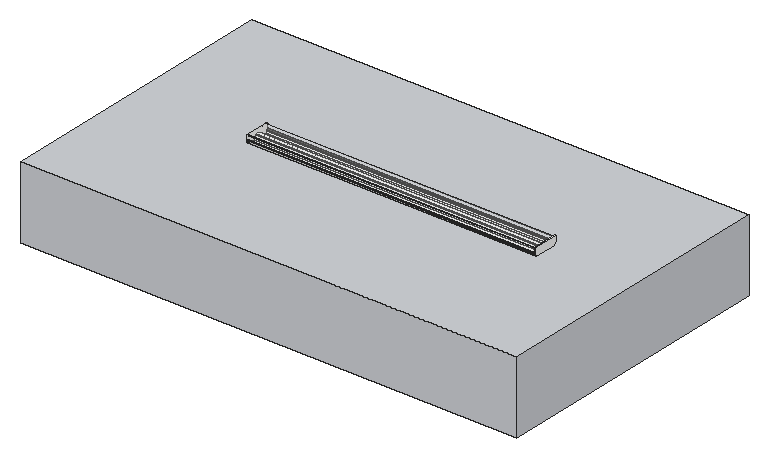
Revit family "AWN8", category Lighting Fixtures, host Face, Revit 2012
Parameters (values of type "AWN8-232-EU")
  Wattage Comments = "54 W"
  Wattage = 54 W
  built-in parameter 1150110 = 1 (stored number, unit not read)
  URL = "http://www.columbialighting.com/"
  built-in parameter 1114217 = 1 (stored number, unit not read)
  Tilt Angle = 90.00°
  built-in parameter 1150109 = 1 (stored number, unit not read)
  built-in parameter 1150134 = (empty or 0)
  built-in parameter 1150113 = 1 (stored number, unit not read)
  Product Page URL = "http://www.columbialighting.com/products/aw/"
  Product Documentation Link = "http://www.columbialighting.com/content/products/specs/specs_files/awn.pdf"
  Photometric Web File = "12409.IES"
  Model = "AWN8-232-EU"  # constant formula
  Manufacturer Phone = "(864)-678-1000"  # constant formula
  Manufacturer Fax = "866-898-1065"  # constant formula
  Manufacturer = "Columbia Lighting"  # constant formula
  built-in parameter 1150105 = 309.4 (stored number, unit not read)
  Lumens = 3888 lm
  built-in parameter 1150115 = 1 (stored number, unit not read)
  built-in parameter 1150137 = (empty or 0)
  built-in parameter 1150139 = (empty or 0)
  built-in parameter 1150112 = 1 (stored number, unit not read)
  built-in parameter 1150114 = 1 (stored number, unit not read)
  Lamp = "F32T8"
  built-in parameter 1150132 = (empty or 0)
  built-in parameter 1150102 = (empty or 0)
  built-in parameter 1150107 = 2725 (stored number, unit not read)
  built-in parameter 1150138 = (empty or 0)
  built-in parameter 1150106 = 3.094 (stored number, unit not read)
  Glass = Glass
  Emit from Line Length = 93.000"
  built-in parameter 1150104 = 6.689 (stored number, unit not read)
  Dimming Lamp Color Temperature Shift = <None>
  Description = "Specification Grade Wraparound"  # constant formula
  Default Elevation = 48.000"
  Color Filter = 16777215
  built-in parameter 1114218 = 1 (stored number, unit not read)
  Backbox = White
  built-in parameter 1150133 = 10 (stored number, unit not read)
Reference planes (in)
  plane 1 "Center (Front/Back)": y = 0.03999
  plane 2: z = 0.06357
  plane 3 "Center (Left/Right)": x = 0.01104
  plane 4: y = -4.11626
  plane 5: y = 4.19624
  plane 6: x = -47.68896
  plane 7: x = 47.71104
  plane 8: z = 2.93857
  plane 9: x = 48.01104
  plane 10: x = -47.98896
Forms (in)
  Extrusion 1, solid
    sketch origin (0, 0, 0.06357) x (1, 0, 0) y (0, 1, 0)
      loop
        line (-87.98896, 48) -> (-87.98896, -48) -> (77.06795, -48) -> (77.06795, 48) -> (-87.98896, 48)
    from 0 to -24.06357
  Extrusion 2, solid, material "White" <- "Backbox"
    sketch origin (0.01104, 0.07998, 2.99778) x (0, -1, 0) y (0, 0, -1)
      loop
        line (4.19624, 0.06357) -> (4.19624, 1.98788) -> (3.80548, 1.98788) -> (3.80548, 2.17405) -> (3.58548, 2.77851) -> (-3.50549, 2.77851) -> (-3.7255, 2.17405) -> (-3.7255, 1.98788) -> (-4.11626, 1.98788) -> (-4.11626, 0.06357) -> (4.19624, 0.06357)
    from 47.7 to 48
  Extrusion 3, solid, material "White" <- "Backbox"
    sketch origin (0.01104, 0.07998, 2.99778) x (0, -1, 0) y (0, 0, -1)
      loop
        line (3.80548, 1.98788) -> (3.80548, 2.17405) -> (3.58548, 2.77851) -> (-3.50549, 2.77851) -> (-3.7255, 2.17405) -> (-3.7255, 1.98788) -> (-4.11626, 1.98788) -> (-4.11626, 1.93788) -> (-3.6755, 1.93788) -> (-3.6755, 2.16523) -> (-3.47048, 2.72851) -> (-1.22048, 2.72851) -> (-0.9688, 1.54445) -> (-0.63074, 1.34927) -> (0.71072, 1.34927) -> (1.04879, 1.54445) -> (1.30047, 2.72851) -> (3.55047, 2.72851) -> (3.75548, 2.16523) -> (3.75548, 1.98788) -> (3.80548, 1.98788)
    from -47.7 to 47.7
  Extrusion 4, solid, material "White" <- "Backbox"
    sketch origin (0.01104, 0.07998, 2.99778) x (0, -1, 0) y (0, 0, 1)
      loop
        line (4.19624, -0.06357) -> (-4.11626, -0.06357) -> (-4.11626, -1.98788) -> (-3.7255, -1.98788) -> (-3.7255, -2.17405) -> (-3.50549, -2.77851) -> (3.58548, -2.77851) -> (3.80548, -2.17405) -> (3.80548, -1.98788) -> (4.19624, -1.98788) -> (4.19624, -0.06357)
    from 47.7 to 48
  Extrusion 5, solid, material "Glass" <- "Glass"
    sketch origin (0.01104, 0, 0) x (0, 1, 0) y (0, 0, 1)
      loop
        line (4.07624, 1.38747) -> (4.07624, 2.75136)
        arc (4.07624, 2.75136) -> (4.05656, 2.79888) -> (4.00904, 2.81857) r 0.0672
        line (4.00904, 2.81857) -> (-3.92905, 2.81857)
        arc (-3.92905, 2.81857) -> (-3.97658, 2.79888) -> (-3.99626, 2.75136) r 0.0672
        line (-3.99626, 2.75136) -> (-3.99626, 1.38747)
        arc (-3.99626, 1.38747) -> (-3.90032, 1.15585) -> (-3.66869, 1.05991) r 0.32757
        line (-3.66869, 1.05991) -> (-3.66869, 1.13491)
        arc (-3.66869, 1.13491) -> (-3.84728, 1.20888) -> (-3.92126, 1.38747) r 0.25257
        line (-3.92126, 1.38747) -> (-3.92126, 2.70357)
        arc (-3.92126, 2.70357) -> (-3.90954, 2.73185) -> (-3.88126, 2.74357) r 0.04
        line (-3.88126, 2.74357) -> (3.95394, 2.74357)
        arc (3.95394, 2.74357) -> (3.98739, 2.72971) -> (4.00124, 2.69627) r 0.0473
        line (4.00124, 2.69627) -> (4.00124, 1.38747)
        arc (4.00124, 1.38747) -> (3.92727, 1.20888) -> (3.74867, 1.13491) r 0.25257
        line (3.74867, 1.13491) -> (3.74867, 1.05991)
        arc (3.74867, 1.05991) -> (3.9803, 1.15585) -> (4.07624, 1.38747) r 0.32757
    from -47.7 to 47.7
Cuts and joins
  joined: Extrusion 2, Extrusion 3, Extrusion 4
Dimensions and locks (in)
  locked: plane 4 to plane 1 "Center (Front/Back)" at 4.15625
  locked: plane 5 to plane 1 "Center (Front/Back)" at 4.15625
  plane 6 to plane 3 "Center (Left/Right)" = 47.700"
  plane 7 to plane 3 "Center (Left/Right)" = 47.700"
  locked: plane 8 to Extrusion 1 at 2.875
  plane 3 "Center (Left/Right)" to plane 7 = 47.700"
  plane 3 "Center (Left/Right)" to plane 6 = 47.700"
  locked: plane 5 to imposter light at 4.15625
  locked: plane 3 "Center (Left/Right)" to plane 9 at 48
  locked: plane 3 "Center (Left/Right)" to plane 10 at 48
  aligned and locked: Extrusion 1 to plane 2
  aligned and locked: Extrusion 1 to level
  aligned and locked: Extrusion 2 to Extrusion 3 sketch curve
  aligned and locked: Extrusion 5 to Extrusion 2
  aligned and locked: Extrusion 3 to Extrusion 2
  aligned and locked: plane 10 to Extrusion 4
  aligned and locked: plane 9 to Extrusion 2
  aligned and locked: plane 7 to Extrusion 2
  aligned and locked: plane 6 to Extrusion 4
  aligned and locked: Extrusion 5 to plane 6
  aligned and locked: Extrusion 3 to Extrusion 4
  aligned and locked: imposter light to plane 1 "Center (Front/Back)"
Connectors (in)
  electrical at (0, 0, 0.06357), driven by "Description"
    settings: index 1, voltage 0 V, apparent load 0 VA, apparent load phase1 0 VA, apparent load phase2 0 VA, apparent load phase3 0 VA, power factor 1, load classification "Other", number of poles 1, system type 30, power factor state 1, is connector primary yes, connector utility no, sub classification motor no, connector description "Specification Grade Wraparound"
